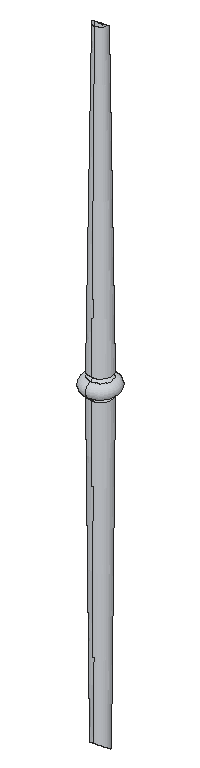
Revit family "Baluster-Custom1 (M).0001", category 난간동자, Revit 2026
Family settings
  항상 수직 = 예
  로드될 때 보이드를 사용하여 절단 = 아니오
  공유 = 아니오
Parameters (values of type "25mm")
  built-in parameter 1008623 [instance] = 32.47°
  built-in parameter 1008625 [instance] = (empty or 0)
  Post = no
  built-in parameter 1008624 [instance] = 32.47°
  Baluster Material = none
  built-in parameter 1008622 [instance] = 762 mm
Reference planes
  plane 1 "Center F/B": y = 0
  plane 2: z = 0
  plane 3 "Center L/R": x = 0
  plane 4 "Top": z = 762
  plane 5 "Top Angle Cut": through (0, 345.134, 542.379) normal (0, -0.5369, -0.8437)
  plane 6: z = 990.6
  plane 7: z = 381
  plane 8: z = 393.7
  plane 9: z = 368.3
  plane 10 "Bottom Angle Cut": through (0, 0, 0) normal (0, -0.5369, -0.8437)
  plane 11: z = -228.6
  plane 12: y = 50.8
  plane 13: y = -50.8
  plane 14: x = 50.8
  plane 15: x = -50.8
Forms (mm)
  Revolve 1, solid, material <- "Baluster Material"
    sketch origin (0, 0, 0) x (0, 1, 0) y (0, 0, 1)
      loop
        line (0, -228.6) -> (7.144, -228.6) -> (13.046, 368.399) -> (6.564, 368.3) -> (13.36, 373.058)
        arc (13.36, 373.058) -> (21.301, 381) -> (13.36, 388.942) r 7.942
        line (13.36, 388.942) -> (6.457, 393.775) -> (13.043, 393.775) -> (7.422, 762) -> (7.422, 990.6) -> (0, 990.6) -> (0, -228.6)
      axis (0, -228.6) -> (0, 990.6)
    angle from 0 to 360
  Extrusion 2, void
    sketch origin (0, 0, 0) x (0, 1, 0) y (0, 0, 1)
      loop
        line (-50.8, -228.6) -> (50.8, -228.6) -> (50.8, -32.326) -> (-50.8, 32.326) -> (-50.8, -228.6)
      loop
        line (50.8, 990.6) -> (-50.8, 990.6) -> (-50.8, 794.326) -> (50.8, 729.674) -> (50.8, 990.6)
    from -50.8 to 50.8
Cuts and joins
  Extrusion 2 cuts Revolve 1
Dimensions and locks
  "built-in parameter 1008622": plane 2 to plane 4 "Top"
  plane 4 "Top" to plane 6 = 228.6 mm
  equal spacing: plane 2, plane 7, plane 4 "Top"
  plane 9 to plane 7 to plane 8 = 12.7 mm, 12.7 mm
  locked: level to plane 11 at 228.6
  locked: plane 15 to plane 3 "Center L/R" at 50.8
  locked: plane 3 "Center L/R" to plane 14 at 50.8
  locked: plane 1 "Center F/B" to plane 12 at 50.8
  locked: plane 13 to plane 1 "Center F/B" at 50.8
  "built-in parameter 1008623": angle plane 4 "Top" to plane 5 "Top Angle Cut"
  "built-in parameter 1008624": angle level to plane 10 "Bottom Angle Cut"
  aligned and locked: Revolve 1 sketch curve to plane 11
  aligned and locked: Extrusion 2 sketch curve to plane 11
  aligned and locked: Extrusion 2 sketch curve to plane 12  (x2)
  aligned and locked: plane 13 to Extrusion 2 sketch curve  (x2)
  aligned and locked: Extrusion 2 sketch curve to plane 10 "Bottom Angle Cut"
  aligned and locked: Extrusion 2 to plane 14
  aligned and locked: Extrusion 2 to plane 15
  aligned and locked: Extrusion 2 sketch curve to plane 6
  aligned and locked: plane 5 "Top Angle Cut" to Extrusion 2 sketch curve
Automatic sketch dimensions
  Revolve 1 sketch curve to plane 1 "Center F/B" = 0 mm  (x2)
  Revolve 1 sketch curve to plane 9 = 0 mm
  Revolve 1 sketch curve to plane 6 = 0 mm
  Revolve 1 sketch curve to plane 4 "Top" = 0 mm
  Revolve 1 sketch curve to plane 7 = 0 mm
  Revolve 1 sketch curve to plane 8 = 0.075 mm
  Revolve 1 sketch curve to plane 9 = 0.099 mm
  Revolve 1 sketch curve to Revolve 1 sketch curve = 4.659 mm
  Revolve 1 sketch curve to Revolve 1 sketch curve = 101.6 mm
  Revolve 1 sketch curve to Revolve 1 sketch curve = 152.4 mm
  Revolve 1 sketch curve to plane 1 "Center F/B" = 6.457 mm
  Revolve 1 sketch curve to plane 1 "Center F/B" = 6.564 mm
  Revolve 1 sketch curve to Revolve 1 sketch curve = 7.144 mm
  Revolve 1 sketch curve to Revolve 1 sketch curve = 7.422 mm
  Revolve 1 sketch curve to Revolve 1 sketch curve = 6.587 mm
  Revolve 1 sketch curve to Revolve 1 sketch curve = 6.482 mm
  Revolve 1 sketch curve to Revolve 1 sketch curve = 0.314 mm
